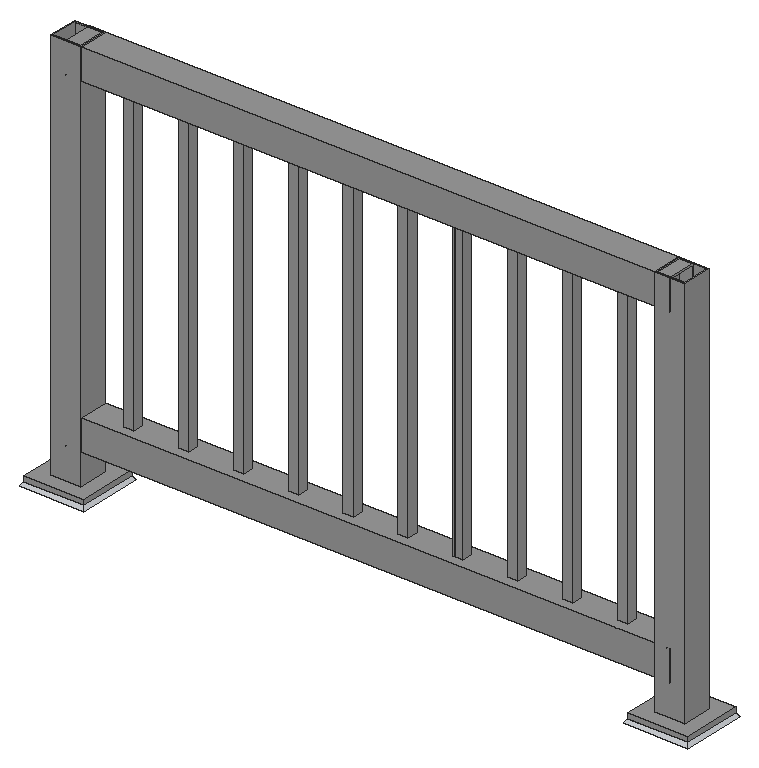
Revit family "railing_type_a", category Site, Revit 2015
Parameters
  vertical_height = 750 mm
  length = 1500 mm
  Website (Personal) = "http://revit.sg"
  NumberOfVertical = (length / 136.4 mm) + 1  # 12
  NumberOfPost = (length / 1500 mm) + 0.5  # 2
  JOIN ME! - Revit.SG = "http://revit.sg/signup_form.html"
  Creator = "Gary Lim"  # constant formula
Reference planes
  plane 1 "Center (Front/Back)": y = 0
  plane 2: z = 0
  plane 3 "Center (Left/Right)": x = 0
  plane 4 "toprailstart": x = 75
  plane 5: y = 75
  plane 6: z = 1000
  plane 7: x = -5
  plane 8: y = 155
  plane 9: y = -5
  plane 10: z = 10
  plane 11: x = 1575
  plane 12: z = 925
  plane 13: z = 10
  plane 14 "bottomrail": z = 100
  plane 15 "bottomvertical": z = 175
  plane 16: x = 211.364
Forms (mm)
  Extrusion 1, solid, material "Steel"
    sketch origin (0, 0, 0) x (1, 0, 0) y (0, 1, 0)
      loop
        line (0, 150) -> (0, 0) -> (150, 0) -> (150, 150) -> (0, 150)
    from 10 to 22
  Extrusion 2, solid, material "Aluminium"
    sketch origin (0, 0, 0) x (1, 0, 0) y (0, 1, 0)
      loop
        line (37.5, 112.5) -> (37.5, 37.5) -> (112.5, 37.5) -> (112.5, 112.5) -> (37.5, 112.5)
      loop
        line (40.5, 40.5) -> (109.5, 40.5) -> (109.5, 109.5) -> (40.5, 109.5) -> (40.5, 40.5)
    from 22 to 1000
  Blend 3, solid
    base sketch origin (0, 0, 0) x (1, 0, 0) y (0, 1, 0)
      loop
        line (155, 155) -> (-5, 155) -> (-5, -5) -> (155, -5) -> (155, 155)
    top sketch origin (0, 0, 0) x (1, 0, 0) y (0, 1, 0)
      loop
        line (0, 150) -> (0, 0) -> (150, 0) -> (150, 150) -> (0, 150)
    from 0 to 10
  Extrusion 4, solid, material "Aluminium"
    sketch origin (75, 0, 0) x (0, 1, 0) y (0, 0, 1)
      loop
        line (37.5, 1000) -> (37.5, 925) -> (112.5, 925) -> (112.5, 1000) -> (37.5, 1000)
      loop
        line (40.5, 997) -> (40.5, 928) -> (109.5, 928) -> (109.5, 997) -> (40.5, 997)
    from 0 to 1500
  Extrusion 5, solid, material "Steel"
    sketch origin (1500, 0, 0) x (1, 0, 0) y (0, 1, 0)
      loop
        line (0, 150) -> (0, 0) -> (150, 0) -> (150, 150) -> (0, 150)
    from 10 to 22
  Extrusion 6, solid, material "Aluminium"
    sketch origin (1500, 0, 0) x (1, 0, 0) y (0, 1, 0)
      loop
        line (37.5, 112.5) -> (37.5, 37.5) -> (112.5, 37.5) -> (112.5, 112.5) -> (37.5, 112.5)
      loop
        line (40.5, 40.5) -> (109.5, 40.5) -> (109.5, 109.5) -> (40.5, 109.5) -> (40.5, 40.5)
    from 22 to 1000
  Blend 7, solid
    base sketch origin (1500, 0, 0) x (1, 0, 0) y (0, 1, 0)
      loop
        line (155, 155) -> (-5, 155) -> (-5, -5) -> (155, -5) -> (155, 155)
    top sketch origin (1500, 0, 0) x (1, 0, 0) y (0, 1, 0)
      loop
        line (0, 150) -> (0, 0) -> (150, 0) -> (150, 150) -> (0, 150)
    from 0 to 10
  Extrusion 8, solid, material "Aluminium"
    sketch origin (75, 0, -803) x (0, 1, 0) y (0, 0, 1)
      loop
        line (37.5, 978) -> (37.5, 903) -> (112.5, 903) -> (112.5, 978) -> (37.5, 978)
      loop
        line (40.5, 975) -> (40.5, 906) -> (109.5, 906) -> (109.5, 975) -> (40.5, 975)
    from 0 to 1500
Dimensions and locks
  plane 8 to Extrusion 1 = 5 mm
  group 1 to group 2 = 1500 mm
  group 1 to group 2 = 0 mm  (x2)
  "length": plane 4 "toprailstart" to plane 11
  equal spacing: group 3, group 4, group 5, group 6, group 7, group 8, group 9, group 10, group 11, group 12, group 13, group 14  (x3)
  aligned and locked: level to plane 2
  aligned and locked: Extrusion 2 to Extrusion 1
  aligned and locked: plane 6 to Extrusion 2
  aligned and locked: Blend 3 to Extrusion 1
  aligned and locked: plane 11 to Extrusion 4
  aligned and locked: Extrusion 6 to Extrusion 5
  aligned and locked: Blend 7 to Extrusion 5
  aligned and locked: Extrusion 8 to plane 4 "toprailstart"
  aligned and locked: plane 11 to Extrusion 8
  aligned and locked: nested 1 to plane 15 "bottomvertical"
  aligned and locked: plane 15 "bottomvertical" to nested 1
  aligned and locked: nested 12 to plane 15 "bottomvertical"
Automatic sketch dimensions
  Extrusion 4 sketch curve to plane 12 = 0 mm
  Extrusion 4 sketch curve to plane 6 = 0 mm
  Extrusion 4 sketch curve to plane 1 "Center (Front/Back)" = 37.5 mm
  Extrusion 4 sketch curve to Extrusion 4 sketch curve = 3 mm  (x2)
  Extrusion 4 sketch curve to plane 6 = 3 mm
  plane 5 to Extrusion 4 sketch curve = 34.5 mm
  plane 12 to Extrusion 4 sketch curve = 3 mm
  Extrusion 8 sketch curve to plane 14 "bottomrail" = 0 mm
  Extrusion 8 sketch curve to plane 15 "bottomvertical" = 0 mm
  Extrusion 8 sketch curve to plane 1 "Center (Front/Back)" = 37.5 mm
  Extrusion 8 sketch curve to Extrusion 8 sketch curve = 3 mm  (x2)
  Extrusion 8 sketch curve to plane 15 "bottomvertical" = 3 mm
  plane 5 to Extrusion 8 sketch curve = 34.5 mm
  plane 14 "bottomrail" to Extrusion 8 sketch curve = 3 mm
Nested families
  nested 1: "post_25mm" at (75, 62.5, 175), type "post_25mm"
    with vertical_height 750 mm
  nested 2: "post_25mm" at (211.364, 62.5, 175), type "post_25mm"
    with vertical_height 750 mm
  nested 3: "post_25mm" at (347.727, 62.5, 175), type "post_25mm"
    with vertical_height 750 mm
  nested 4: "post_25mm" at (484.091, 62.5, 175), type "post_25mm"
    with vertical_height 750 mm
  nested 5: "post_25mm" at (620.454, 62.5, 175), type "post_25mm"
    with vertical_height 750 mm
  nested 6: "post_25mm" at (756.818, 62.5, 175), type "post_25mm"
    with vertical_height 750 mm
  nested 7: "post_25mm" at (893.182, 62.5, 175), type "post_25mm"
    with vertical_height 750 mm
  nested 8: "post_25mm" at (1029.545, 62.5, 175), type "post_25mm"
    with vertical_height 750 mm
  nested 9: "post_25mm" at (1165.909, 62.5, 175), type "post_25mm"
    with vertical_height 750 mm
  nested 10: "post_25mm" at (1302.272, 62.5, 175), type "post_25mm"
    with vertical_height 750 mm
  nested 11: "post_25mm" at (1438.636, 62.5, 175), type "post_25mm"
    with vertical_height 750 mm
  nested 12: "post_25mm" at (1575, 62.5, 175), type "post_25mm"
    with vertical_height 750 mm
Definition of nested family "post_25mm"
  Parameters (values of type "post_25mm")
    vertical_height = 728 mm
  Reference planes
    plane 1 "Center (Front/Back)": y = 0
    plane 2: z = 0
    plane 3 "Center (Left/Right)": x = 0
    plane 4: z = 728
  Forms (mm)
    Extrusion 1, solid
      sketch origin (0, 0, 0) x (1, 0, 0) y (0, 1, 0)
        loop
          line (-12.5, 0) -> (12.5, 0) -> (12.5, 25) -> (-12.5, 25) -> (-12.5, 0)
        loop
          line (9.5, 22) -> (-9.5, 22) -> (-9.5, 3) -> (9.5, 3) -> (9.5, 22)
      from 0 to 728 <- "vertical_height"
  Dimensions and locks
    plane 3 "Center (Left/Right)" to Extrusion 1 = 12.5 mm
    aligned and locked: level to plane 2
    aligned and locked: plane 4 to Extrusion 1
